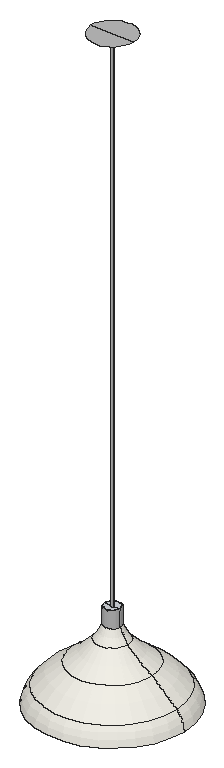
Revit family "Haworth_Swell_PendantOneLight", category Lighting Fixtures, Revit 2018
Family settings
  Round Connector Dimension = Use Diameter
  Part Type = Normal
  OmniClass Number = 23.80.70.11.14
  OmniClass Title = General Luminaries, Directional
  Work Plane-Based = No
  Always vertical = Yes
  Cut with Voids When Loaded = No
  Light Source = Yes
  Shared = No
  Room Calculation Point = No
Parameters (values of type "LSP1-1610")
  Wattage = 11 W
  built-in parameter 1150110 = 1 (stored number, unit not read)
  built-in parameter 1114217 = 1 (stored number, unit not read)
  Top Finish = Haworth _ Paint _ Metallic Silver
  Tilt Angle = 60.00°
  built-in parameter 1150109 = 1 (stored number, unit not read)
  built-in parameter 1150134 = (empty or 0)
  built-in parameter 1150113 = 1 (stored number, unit not read)
  Small = no
  Size = "Verify Final Dim. w/Haworth"  # constant formula
  Photometric Web File = "generic"
  built-in parameter 1150142 = (empty or 0)
  Medium = no
  built-in parameter 1150105 = 63.901 (stored number, unit not read)
  Lumens = 803 lm
  built-in parameter 1150115 = 1 (stored number, unit not read)
  built-in parameter 1150137 = (empty or 0)
  built-in parameter 1150139 = (empty or 0)
  Large = not(or(Medium, Small))  # yes
  built-in parameter 1150112 = 1 (stored number, unit not read)
  built-in parameter 1150114 = 1 (stored number, unit not read)
  built-in parameter 1150132 = (empty or 0)
  built-in parameter 1150102 = (empty or 0)
  built-in parameter 1150107 = 3000 (stored number, unit not read)
  built-in parameter 1150138 = (empty or 0)
  built-in parameter 1150106 = 0.63901 (stored number, unit not read)
  Emit from Circle Diameter = 24"
  Emit Shape Visible in Rendering = no
  built-in parameter 1150104 = 6.7819 (stored number, unit not read)
  Dimming Lamp Color Temperature Shift = <None>
  Cords Finish = Haworth _ Paint _ Metallic Silver
  Color Filter = 16777215
  Base Radius = if(Large, 8", if(Medium, 6", 4"))  # 8"
  Wattage Comments = ""
  Warranty = "https://www.haworth.com/resources/product-info/warranties"
  URL - Product = "https://www.haworth.com/products/lighting/pendant/swell"
  URL = "http://www.haworth.com/our-brands/haworth-collection"
  Revision Number = "1"  # constant formula
  Model = "LSP1-1610"
  Manufacturer = "Haworth"  # constant formula
  Lamp Finish [instance] = Haworth _ Paint _ Collection White
  Glass Finish = Haworth _ Glass _ Clear
  Description = "Haworth Swell Pendant with One Light Wide\""
  built-in parameter 1114218 = 1 (stored number, unit not read)
  Author = "Haworth (Abd Rahman)"  # constant formula
  built-in parameter 1150133 = 10 (stored number, unit not read)
  Assembly Code = "D5020200"
  Actual Width = if(Small, 8", if(Medium, 12", 16"))  # 16"
  Actual Height = if(Small, 14", if(Medium, 12", 10"))  # 10"
  Actual Depth = if(Small, 8", if(Medium, 12", 16"))  # 16"
Types (3): name | Top Finish | Small | Medium | Large | Base Radius | Model | Description | Actual Width | Actual Height | Actual Depth
  LSP1-1610 | Haworth _ Paint _ Metallic Silver | no | no | yes | 8" | "LSP1-1610" | "Haworth Swell Pendant with One Light Wide\"" | 16" | 10" | 16"
  LSP1-1210 | none | no | yes | no | 6" | "LSP1-1210" | "Haworth Swell Pendant with One Light Medium\"" | 12" | 12" | 12"
  LSP1-0810 | none | yes | no | no | 4" | "LSP1-0810" | "Haworth Swell Pendant with One Light Narrow\"" | 8" | 14" | 8"
Reference planes (in)
  plane 1 "Center F/B": y = 8.82887
  plane 2 "Base": z = 0
  plane 3 "Center L/R": x = -16.34139
  plane 4 "Cord Top": z = 120
  plane 5: x = -24.34139
  plane 6: y = 0.82887
  plane 7 "Cord": z = 119.33558
  plane 8: x = -8.34139
  plane 9: y = 16.82887
Forms (in)
  Revolve 1, solid, material "Haworth _ Paint _ Metallic Silver" <- "Top Finish"
    sketch origin (0, 8.82887, 0) x (1, 0, 0) y (0, 0, 1)
      loop
        line (-16.341, 120) -> (-16.341, 119.33558) -> (-16.07327, 119.33558)
        arc (-16.07327, 119.33558) -> (-15.00005, 119.55594) -> (-13.99848, 120) r 5.11015
        line (-13.99848, 120) -> (-16.341, 120)
      axis (-16.341, 120) -> (-16.341, 119.33558)
    angle from 0 to 360
  Revolve 2, solid, material "Haworth _ Paint _ Metallic Silver" <- "Cords Finish"
    sketch origin (0, 8.82887, 0) x (1, 0, 0) y (0, 0, 1)
      loop
        line (-16.341, 119.33558) -> (-16.341, 119.24694) -> (-16.07328, 119.24694) -> (-16.07328, 119.33558) -> (-16.341, 119.33558)
      axis (-16.341, 119.33558) -> (-16.341, 119.24694)
    angle from 0 to 360
  Revolve 3, solid, material "Haworth _ Paint _ Metallic Silver" <- "Cords Finish"
    sketch origin (0, 8.82887, 0) x (1, 0, 0) y (0, 0, 1)
      loop
        line (-16.34139, 119.24694) -> (-16.34139, 63.08817) -> (-16.216, 63.08817) -> (-16.216, 119.24694) -> (-16.34139, 119.24694)
      axis (-16.34139, 119.24694) -> (-16.34139, 63.08817)
    angle from 0 to 360
  Revolve 4, solid
    sketch origin (0, 8.82887, 0) x (1, 0, 0) y (0, 0, 1)
      loop
        line (-16.34139, 63.17182) -> (-16.34139, 63.07636) -> (-15.54454, 63.07636) -> (-15.54454, 63.17182) -> (-16.34139, 63.17182)
      axis (-16.34139, 63.17182) -> (-16.34139, 63.07636)
    angle from 0 to 360
  Revolve 5, solid, material "Haworth _ Paint _ Metallic Silver" <- "Cords Finish"
    sketch origin (0, 8.82887, 0) x (1, 0, 0) y (0, 0, 1)
      loop
        line (-15.46713, 63.17182) -> (-16.34139, 63.17182) -> (-16.34139, 61.41027) -> (-15.46713, 61.41027) -> (-15.46713, 63.17182)
      axis (-16.34139, 63.17182) -> (-16.34139, 61.41027)
    angle from 0 to 360
Lines and regions (in)
  symbolic lines, style "Haworth"
    curve 1: circle (-16.34156, 8.82371, 90.88819) r 0.87182 normal (0, 0, 1)
    curve 2: circle (-16.34139, 8.82887, 90.88819) r 0.79685 normal (0, 0, 1)
Dimensions and locks (in)
  "Actual Width": plane 5 to plane 8
  equal spacing: plane 9, plane 1 "Center F/B", plane 6
  equal spacing: plane 5, plane 3 "Center L/R", plane 8
  "Actual Depth": plane 9 to plane 6
Automatic sketch dimensions
  Revolve 1 sketch curve to plane 7 "Cord" = 0"  (x2)
  Revolve 1 sketch curve to plane 4 "Cord Top" = 0"  (x2)
  Revolve 1 sketch curve to plane 3 "Center L/R" = 0.21714"
  plane 3 "Center L/R" to Revolve 1 sketch curve = 0.00039"
  Revolve 1 sketch curve to Revolve 1 sketch curve = 0.26773"
  Revolve 1 sketch curve to Revolve 1 sketch curve = 2.07479"
  Revolve 1 sketch curve to Revolve 1 sketch curve = 0"
  Revolve 2 sketch curve to plane 7 "Cord" = 0"  (x2)
  plane 3 "Center L/R" to Revolve 2 sketch curve = 0.00039"
  Revolve 2 sketch curve to plane 7 "Cord" = 0.08864"
  Revolve 2 sketch curve to Revolve 2 sketch curve = 0.26772"
  Revolve 2 sketch curve to Revolve 2 sketch curve = 0"  (x2)
  Revolve 3 sketch curve to plane 3 "Center L/R" = 0"  (x2)
  Revolve 3 sketch curve to Revolve 3 sketch curve = 0.12539"
  Revolve 3 sketch curve to plane 7 "Cord" = 56.24741"
  Revolve 3 sketch curve to plane 7 "Cord" = 0.08864"
  Revolve 3 sketch curve to Revolve 3 sketch curve = 0"
  Revolve 3 sketch curve to Revolve 3 sketch curve = 0.01332"
  Revolve 4 sketch curve to plane 3 "Center L/R" = 0"  (x2)
  Revolve 4 sketch curve to Revolve 4 sketch curve = 0.79685"
  Revolve 4 sketch curve to plane 7 "Cord" = 56.25922"
  Revolve 4 sketch curve to Revolve 4 sketch curve = 0.09546"
  Revolve 4 sketch curve to Revolve 4 sketch curve = 0"  (x2)
  Revolve 5 sketch curve to plane 3 "Center L/R" = 0"  (x2)
  Revolve 5 sketch curve to Revolve 5 sketch curve = 0.87427"
  Revolve 5 sketch curve to plane 7 "Cord" = 57.92532"
  Revolve 5 sketch curve to Revolve 5 sketch curve = 1.76155"
  Revolve 5 sketch curve to Revolve 5 sketch curve = 0"  (x2)
  plane 1 "Center F/B" to curve 2 = 0"
  curve 2 to plane 3 "Center L/R" = 0"
  curve 1 to plane 3 "Center L/R" = 0.00016"
  plane 1 "Center F/B" to curve 1 = 0.00515"
  radius of curve 1 = 0.87182"
  radius of curve 2 = 0.79685"
Nested families (in)
  nested 1: "Haworth_Swell_Lamp" at (-0.00016, -0.00515, 0), Large <- "Large", Medium <- "Medium", Small <- "Small", Lamp Finish <- "Lamp Finish", type "LSP1-1610"
    with Small no, Medium no, Large yes, Lamp Finish Haworth _ Paint _ Collection White
Connectors (in)
  electrical at (-16.341, 8.82887, 120)
    settings: on Revolve 1, index 1, voltage 0 V, apparent load 0 VA, apparent load phase1 0 VA, apparent load phase2 0 VA, apparent load phase3 0 VA, power factor 1, load classification "Other", number of poles 1, system type 31, power factor state 1, is connector primary yes, connector utility no, sub classification motor no, connector description ""
Definition of nested family "Haworth_Swell_Lamp"
  Parameters (values of type "LSP1-1610")
    Wattage Comments = ""
    Wattage = 11 W
    built-in parameter 1150110 = 1 (stored number, unit not read)
    built-in parameter 1114217 = 1 (stored number, unit not read)
    Tilt Angle = 60.00°
    built-in parameter 1150109 = 1 (stored number, unit not read)
    built-in parameter 1150134 = (empty or 0)
    built-in parameter 1150113 = 1 (stored number, unit not read)
    Small [instance] = no
    Size = "Verify Final Dim. w/Haworth"  # constant formula
    Photometric Web File = "generic"
    built-in parameter 1150142 = (empty or 0)
    Medium [instance] = no
    built-in parameter 1150105 = 63.901 (stored number, unit not read)
    Lumens = 803 lm
    built-in parameter 1150115 = 1 (stored number, unit not read)
    built-in parameter 1150137 = (empty or 0)
    built-in parameter 1150139 = (empty or 0)
    Large [instance] = yes
    built-in parameter 1150112 = 1 (stored number, unit not read)
    built-in parameter 1150114 = 1 (stored number, unit not read)
    Interior Finish = none
    built-in parameter 1150132 = (empty or 0)
    built-in parameter 1150102 = (empty or 0)
    built-in parameter 1150107 = 3000 (stored number, unit not read)
    built-in parameter 1150138 = (empty or 0)
    built-in parameter 1150106 = 0.63901 (stored number, unit not read)
    Emit from Circle Diameter = 24"
    Emit Shape Visible in Rendering = no
    built-in parameter 1150104 = 6.7819 (stored number, unit not read)
    Dimming Lamp Color Temperature Shift = (empty or 0)
    Color Filter = 16777215
    Warranty = "https://www.haworth.com/resources/product-info/warranties"
    URL - Product = "https://www.haworth.com/products/lighting/pendant/swell"
    URL = "http://www.haworth.com/our-brands/haworth-collection"
    Revision Number = "1"  # constant formula
    Model = "LSP1-1610"
    Manufacturer = "Haworth"  # constant formula
    Lamp Finish [instance] = none
    Glass Finish = none
    Description = "Haworth Swell\""
    built-in parameter 1114218 = 1 (stored number, unit not read)
    Author = "Haworth (Abd Rahman)"  # constant formula
    built-in parameter 1150133 = 10 (stored number, unit not read)
    Assembly Code = "D5020200"
    Actual Width = 24"  # constant formula
    Actual Height = 10"  # constant formula
    Actual Depth = 24"  # constant formula
  Reference planes (in)
    plane 1 "Center F/B": y = 8.82887
    plane 2 "Base": z = 0
    plane 3 "Center L/R": x = -16.34139
    plane 4: x = -24.34139
    plane 5: x = -8.34139
    plane 6: y = 16.82887
    plane 7: y = 0.82887
  Forms (in)
    Revolve 1, solid, material <- "Lamp Finish", visible <- "Large"
      sketch origin (0, 8.82887, 0) x (1, 0, 0) y (0, 0, 1)
        loop
          arc (-8.34139, 53.52668) -> (-8.64289, 54.4871) -> (-9.19615, 55.32805) r 3.63614
          arc (-9.19615, 55.32805) -> (-10.50598, 56.62104) -> (-11.9858, 57.71538) r 12.95588
          arc (-11.9858, 57.71538) -> (-13.3787, 58.74808) -> (-14.60823, 59.97073) r 12
          arc (-14.60823, 59.97073) -> (-15.10188, 60.65219) -> (-15.46713, 61.41027) r 4.73535
          line (-15.46713, 61.41027) -> (-15.57549, 61.41027)
          arc (-15.57549, 61.41027) -> (-15.19885, 60.61656) -> (-14.68486, 59.90408) r 4.83691
          arc (-14.68486, 59.90408) -> (-13.44492, 58.67108) -> (-12.04024, 57.62964) r 12.10156
          arc (-12.04024, 57.62964) -> (-10.57201, 56.54388) -> (-9.27245, 55.26102) r 12.85432
          arc (-9.27245, 55.26102) -> (-8.73464, 54.44356) -> (-8.44157, 53.50997) r 3.53458
          line (-8.44157, 53.50997) -> (-8.34139, 53.52668)
        axis (-16.34139, 61.41027) -> (-16.34139, 53.50997)
      angle from 0 to 360
    Revolve 2, solid, material <- "Lamp Finish", visible <- "Medium"
      sketch origin (0, 8.82887, 0) x (1, 0, 0) y (0, 0, 1)
        loop
          arc (-10.8012, 53.50997) -> (-11.61647, 54.84202) -> (-12.50384, 56.12717) r 28.35728
          arc (-12.50384, 56.12717) -> (-13.37857, 57.34071) -> (-14.23551, 58.56687) r 102.56906
          arc (-14.23551, 58.56687) -> (-14.82885, 59.5815) -> (-15.26711, 60.67212) r 8
          arc (-15.26711, 60.67212) -> (-15.37523, 61.039) -> (-15.46713, 61.41027) r 8.70317
          line (-15.46713, 61.41027) -> (-15.57118, 61.41027)
          arc (-15.57118, 61.41027) -> (-15.47623, 61.02343) -> (-15.36387, 60.64128) r 8.80473
          arc (-15.36387, 60.64128) -> (-14.92005, 59.53681) -> (-14.31918, 58.5093) r 8.10156
          arc (-14.31918, 58.5093) -> (-13.46139, 57.28192) -> (-12.5858, 56.06718) r 102.67062
          arc (-12.5858, 56.06718) -> (-11.7016, 54.78664) -> (-10.88925, 53.45936) r 28.25572
          arc (-10.88925, 53.45936) -> (-10.52055, 52.48882) -> (-10.47302, 51.4517) r 3.28614
          line (-10.47302, 51.4517) -> (-10.37083, 51.4517)
          arc (-10.37083, 51.4517) -> (-10.42227, 52.51507) -> (-10.8012, 53.50997) r 3.3877
        axis (-16.34139, 61.41027) -> (-16.34139, 51.4517)
      angle from 0 to 360
    Revolve 3, solid, material <- "Lamp Finish", visible <- "Small"
      sketch origin (0, 8.82887, 0) x (1, 0, 0) y (0, 0, 1)
        loop
          line (-15.49506, 61.41027) -> (-15.59792, 61.41027)
          arc (-15.59792, 61.41027) -> (-15.2102, 59.55642) -> (-14.64788, 57.74785) r 19.88718
          arc (-14.64788, 57.74785) -> (-14.52716, 57.43632) -> (-14.39369, 57.13003) r 8.10156
          arc (-14.39369, 57.13003) -> (-13.6727, 55.41442) -> (-13.06897, 53.65412) r 27.59713
          arc (-13.06897, 53.65412) -> (-12.60668, 51.57707) -> (-12.47129, 49.4535) r 13.71211
          line (-12.47129, 49.4535) -> (-12.36972, 49.4535)
          arc (-12.36972, 49.4535) -> (-12.50623, 51.59208) -> (-12.97185, 53.68381) r 13.81367
          arc (-12.97185, 53.68381) -> (-13.5778, 55.45059) -> (-14.30144, 57.17251) r 27.69869
          arc (-14.30144, 57.17251) -> (-14.43323, 57.47496) -> (-14.55245, 57.78259) r 8
          arc (-14.55245, 57.78259) -> (-15.10985, 59.57406) -> (-15.49506, 61.41027) r 19.78562
        axis (-16.34139, 49.4535) -> (-16.34139, 61.41027)
      angle from 0 to 360
    Revolve 4, solid, material <- "Glass Finish"
      sketch origin (0, 8.82887, 0) x (1, 0, 0) y (0, 0, 1)
        loop
          line (-15.59106, 61.41027) -> (-15.69708, 61.41027)
          arc (-15.69708, 61.41027) -> (-15.5311, 60.47676) -> (-15.58934, 59.5304) r 4.00299
          line (-15.58934, 59.5304) -> (-15.65302, 59.5304)
          arc (-15.65302, 59.5304) -> (-15.56408, 59.02761) -> (-15.32462, 58.57664) r 1.6378
          arc (-15.32462, 58.57664) -> (-15.3004, 58.48763) -> (-15.344, 58.40635) r 0.12465
          line (-15.344, 58.40635) -> (-15.26556, 58.40635)
          arc (-15.26556, 58.40635) -> (-15.17866, 58.51476) -> (-15.24344, 58.63767) r 0.12669
          arc (-15.24344, 58.63767) -> (-15.46805, 59.06067) -> (-15.55148, 59.53229) r 1.53624
          line (-15.55148, 59.53229) -> (-15.48581, 59.53229)
          arc (-15.48581, 59.53229) -> (-15.42941, 60.47739) -> (-15.59106, 61.41027) r 4.10456
        axis (-16.34139, 61.41027) -> (-16.34139, 58.40635)
      angle from 0 to 360
  Lines and regions (in)
    Masking region 1, visible <- "Large"
      outline origin (0, 0, 0) x (1, 0, 0) y (0, 1, 0)
        loop
          circle (-16.34139, 8.82887) r 8
        loop
          circle (-16.34139, 8.82887) r 7.89982
    Masking region 2, visible <- "Medium"
      outline origin (0, 0, 0) x (1, 0, 0) y (0, 1, 0)
        loop
          circle (-16.34139, 8.82887) r 5.97056
        loop
          circle (-16.34139, 8.82887) r 5.86837
    Masking region 3, visible <- "Small"
      outline origin (0, 0, 0) x (1, 0, 0) y (0, 1, 0)
        loop
          circle (-16.34139, 8.82887) r 3.97167
        loop
          circle (-16.34139, 8.82887) r 3.8701
    symbolic lines, detail levels medium+fine
      curve 1: circle (-16.34139, 8.82887, 0) r 1.16565 normal (0, 0, 1)
      curve 2: circle (-16.34139, 8.82887, 0) r 1.09796 normal (0, 0, 1)
  Dimensions and locks (in)
    plane 6 to plane 7 = 16"
    plane 5 to plane 4 = 16"
    Revolve 1 sketch curve to plane 5 = 8"
    aligned and locked: plane 5 to Revolve 1
    aligned and locked: plane 4 to Revolve 1
    aligned and locked: Revolve 3 to Revolve 4
